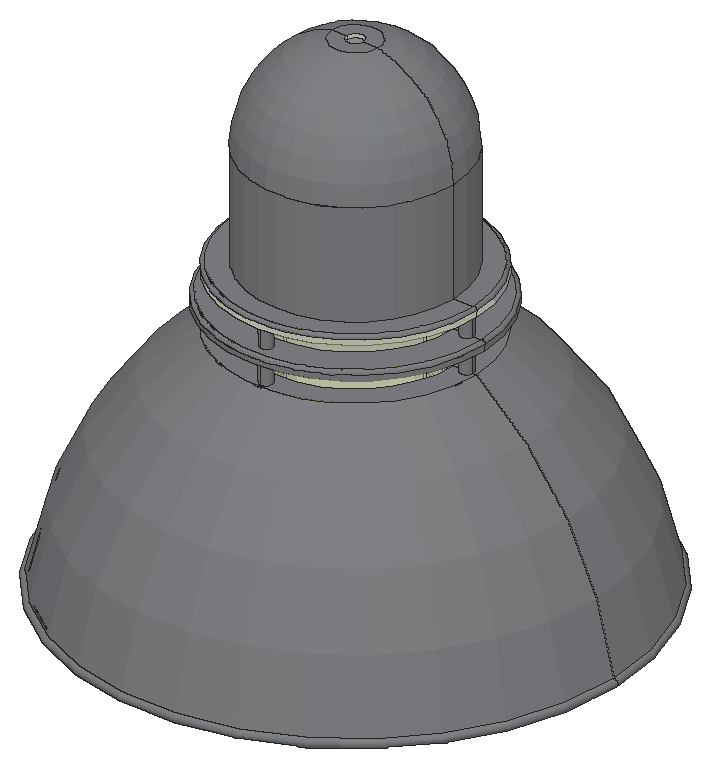
Revit family "UDR216 SHADE", category Lighting Fixtures, Revit 2024
Family settings
  Round Connector Dimension = Use Diameter
  Part Type = Normal
  OmniClass Number = 23.80.70.00
  OmniClass Title = Lighting
  Work Plane-Based = No
  Always vertical = Yes
  Cut with Voids When Loaded = No
  Light Source = Yes
  Maintain Annotation Orientation = No
  Shared = No
  Room Calculation Point = No
Parameters
  Wattage = 12.1178 W
  built-in parameter 1150110 = 1 (stored number, unit not read)
  built-in parameter 1114217 = 1 (stored number, unit not read)
  built-in parameter 1150109 = 1 (stored number, unit not read)
  built-in parameter 1150134 = (empty or 0)
  built-in parameter 1150113 = 1 (stored number, unit not read)
  Lumens = 1800 lm
  built-in parameter 1150115 = 1 (stored number, unit not read)
  built-in parameter 1150105 = 572.96 (stored number, unit not read)
  Light Source Symbol Size = 2' - 0"
  built-in parameter 1150137 = (empty or 0)
  built-in parameter 1150139 = (empty or 0)
  built-in parameter 1150112 = 1 (stored number, unit not read)
  built-in parameter 1150114 = 1 (stored number, unit not read)
  built-in parameter 1150132 = 2
  built-in parameter 1150102 = (empty or 0)
  built-in parameter 1150138 = (empty or 0)
  built-in parameter 1150107 = 3000 (stored number, unit not read)
  built-in parameter 1150106 = 5.7296 (stored number, unit not read)
  built-in parameter 1150104 = 13.8 (stored number, unit not read)
  Dimming Lamp Color Temperature Shift = (empty or 0)
  Default Elevation = 0' - 0"
  Color Filter = 16777215
  built-in parameter 1114218 = 1 (stored number, unit not read)
  built-in parameter 1150133 = 10 (stored number, unit not read)
Reference planes (in)
  plane 1 "Light Source Axis (F/B)": y = 0
  plane 2: z = 0
  plane 3 "Light Source Axis (L/R)": x = 0
  plane 4 "Light Source Elevation": z = 83.88626
Forms (in)
  Revolve 1, solid
    sketch origin (0, 0, 0) x (1, 0, 0) y (0, 0, 1)
      loop
        line (-0.25, 98.86464) -> (-0.6925, 98.86464)
        arc (-0.6925, 98.86464) -> (-2.35317, 97.80623) -> (-2.9996, 95.94607) r 2.9996
        line (-2.9996, 95.94607) -> (-2.9996, 92.83608) -> (-3.59803, 92.83608)
        arc (-3.59803, 92.83608) -> (-3.66874, 92.80679) -> (-3.69803, 92.73608) r 0.1
        line (-3.69803, 92.73608) -> (-3.69803, 92.58608) -> (-3.60428, 92.58608) -> (-3.60428, 92.74233) -> (-2.90585, 92.74233) -> (-2.90585, 95.94607)
        arc (-2.90585, 95.94607) -> (-2.283, 97.74382) -> (-0.68144, 98.77089) r 2.90585
        line (-0.68144, 98.77089) -> (-0.25, 98.77089) -> (-0.25, 98.86464)
      loop
        line (-2.9996, 92.00777) -> (-3.84803, 92.00777)
        arc (-3.84803, 92.00777) -> (-3.91874, 91.97848) -> (-3.94803, 91.90777) r 0.1
        line (-3.94803, 91.90777) -> (-3.94803, 91.75777) -> (-3.85428, 91.75777) -> (-3.85428, 91.91402) -> (-2.9996, 91.91402) -> (-2.9996, 92.00777)
      loop
        line (-2.9996, 91.0078) -> (-3.69785, 91.0078)
        arc (-3.69785, 91.0078) -> (-6.45513, 88.01567) -> (-7.85624, 84.19567) r 10.41951
        arc (-7.85624, 84.19567) -> (-7.90453, 83.95538) -> (-7.76716, 84.15836) r 0.125
        arc (-7.76716, 84.15836) -> (-6.38904, 87.94394) -> (-3.66724, 90.91405) r 10.32576
        line (-3.66724, 90.91405) -> (-2.9996, 90.91405) -> (-2.9996, 91.0078)
      loop
        line (-2.17877, 93.08608) -> (-2.17877, 89.08608)
        arc (-2.17877, 89.08608) -> (-1.54062, 87.54546) -> (0, 86.90731) r 2.17877
        line (0, 86.90731) -> (0, 87.00106)
        arc (0, 87.00106) -> (-1.47433, 87.61175) -> (-2.08502, 89.08608) r 2.08502
        line (-2.08502, 89.08608) -> (-2.08502, 93.08608) -> (-2.17877, 93.08608)
      axis (0, 98.86464) -> (0, 84.15836)
    angle from 0 to 360
  Sweep 2, solid
    path origin (0, 0, 0) x (1, 0, 0) y (0, 0, 1)
      loop
        line (-3.39302, 91.0078) -> (-3.39302, 92.74233)
    profile origin (-3.39302, 0, 91.87506) x (-1, 0, 0) y (0, -1, 0)
      loop
        circle (0, 0) r 0.1875
  Sweep 3, solid
    path origin (0, 0, 0) x (0, -1, 0) y (0, 0, 1)
      loop
        line (-3.39302, 91.0078) -> (-3.39302, 92.74233)
    profile origin (0, 3.39302, 91.87506) x (0, 1, 0) y (-1, 0, 0)
      loop
        circle (0, 0) r 0.1875
  Sweep 4, solid
    path origin (0, 0, 0) x (0, 1, 0) y (0, 0, 1)
      loop
        line (-3.39302, 91.0078) -> (-3.39302, 92.74233)
    profile origin (0, -3.39302, 91.87506) x (0, -1, 0) y (1, 0, 0)
      loop
        circle (0, 0) r 0.1875
  Sweep 5, solid
    path origin (0, 0, 0) x (-1, 0, 0) y (0, 0, 1)
      loop
        line (-3.39302, 91.0078) -> (-3.39302, 92.74233)
    profile origin (3.39302, 0, 91.87506) x (1, 0, 0) y (0, 1, 0)
      loop
        circle (0, 0) r 0.1875
Dimensions and locks (in)
  aligned and locked: plane 1 "Light Source Axis (F/B)" to imposter light
  aligned and locked: plane 4 "Light Source Elevation" to imposter light
  aligned and locked: level to plane 2
